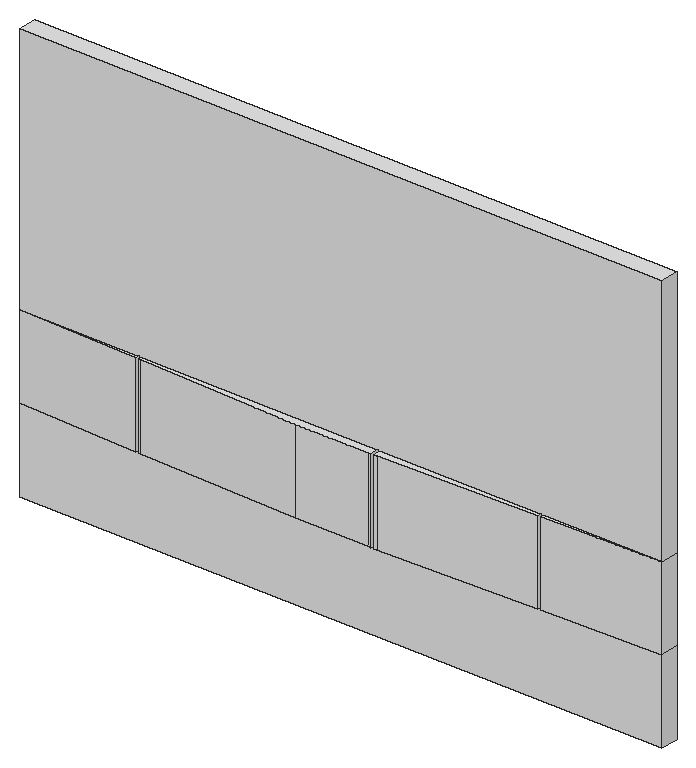
Revit family "NARROW_230x150x6.5", category Plumbing Fixtures, Revit 2018
Family settings
  Round Connector Dimension = Use Diameter
  Part Type = Normal
  OmniClass Number = 23.45.00.00
  OmniClass Title = Sanitary, Laundry, and Cleaning Equipment
  Work Plane-Based = Yes
  Always vertical = Yes
  Cut with Voids When Loaded = No
  Shared = No
  Room Calculation Point = No
Parameters (values of type "Mécanique_Chromée")
  aux [instance] = if(FRAME_OLI, 0.0 mm, 1000.0 mm)  # 1000.0 mm
  URL = "https://www.regiplast.fr/blog/articles/plaques-de-commande/"
  Product data url = "https://www.regiplast.fr/blog/articles/plaques-de-commande/"
  Model = CONTROL_Model  # "Narrow"
  Manufacturer = ""
  FRAME_OLI [instance] = no
  Description = CONTROL_Brief description  # "Plaque de commande mécanique en abs"
  Default Elevation = 1219.2 mm
  CONTROL_Width = 6.5 mm  # constant formula
  CONTROL_Vandal-proof = ""
  CONTROL_Type/function = "Plaque de Commande pour réservoir à encastrer"  # constant formula
  CONTROL_Type of flush = "Double-Débit"  # constant formula
  Material [instance] = Chromée
  CONTROL_Product data url = "https://www.regiplast.fr/blog/articles/plaques-de-commande/"
  CONTROL_Model code/ref = "186C"
  CONTROL_Model Series = "Chromée"
  CONTROL_Model = "Narrow"  # constant formula
  CONTROL_Material = "ABS"
  CONTROL_Length = 230.0 mm  # constant formula
  CONTROL_Height = 150.0 mm  # constant formula
  CONTROL_Brief description = "Plaque de commande mécanique en abs"  # constant formula
  CONTROL_Actuation type = "Mécanique"  # constant formula
  BIM object developer = "www.concepsysbim.com"
Types (3, lengths in mm): name | Material | CONTROL_Model code/ref | CONTROL_Model Series
  Mécanique_Blanc | Blanc | "186B" | "Blanc"
  Mécanique_Chromée | Chromée | "186C" | "Chromée"
  Mécanique_Chromée Mate | Chromée Mate | "186M" | "Chromée Mate"
Reference planes
  plane 1 "Center (Front/Back)": y = 0
  plane 2: z = 0
  plane 3 "Center (Left/Right)": x = 0
  plane 4: y = -6.5
  plane 5: z = 1000
  plane 6: x = -113.092
  plane 7: x = 113.084
  plane 8: z = 927.001
  plane 9: z = 1072.9
  plane 10: x = 115
  plane 11: x = -115
  plane 12: z = 925
  plane 13: z = 875
  plane 14: x = 113.084
  plane 15: z = 927.001
  plane 16: z = 1072.9
Forms (mm)
  Extrusion 1, solid, material "Chromée" <- "Material"
    sketch origin (-115, 0, 0.105) x (1, 0, 0) y (0, 0, 1)
      loop
        line (0, 1074.895) -> (0, 984.895) -> (230, 984.895) -> (230, 1074.895) -> (0, 1074.895)
      loop
        line (0, 924.895) -> (230, 924.895) -> (230, 954.895) -> (0, 954.895) -> (0, 924.895)
    from 0 to 6.5
  Extrusion 2, solid, material "Chromée" <- "Material"
    sketch origin (0, 0, 1000) x (1, 0, 0) y (0, 1, 0)
      loop
        line (72.5, -7.845) -> (115, -6.625) -> (115, 0) -> (72.5, 0) -> (72.5, -7.845)
      loop
        line (-115, -6.625) -> (-72.5, -7.846) -> (-72.5, 0) -> (-115, 0) -> (-115, -6.625)
      loop
        line (-71.5, -7.874) -> (-70.5, -7.903) -> (-14, -9.525) -> (12, -9.525) -> (13, -9.525) -> (13, 0) -> (-71.5, 0) -> (-71.5, -7.874)
      loop
        line (71.5, -7.874) -> (71.5, 0) -> (14, 0) -> (14, -9.525) -> (15, -9.497) -> (71.5, -7.874)
    from -45 to -15
  Extrusion 3, solid, material "Chromée" <- "Material", not visible
    sketch origin (-115, 0, 0.105) x (1, 0, 0) y (0, 0, 1)
      loop
        line (0, 1074.895) -> (0, 984.895) -> (230, 984.895) -> (230, 1074.895) -> (0, 1074.895)
      loop
        line (0, 924.895) -> (230, 924.895) -> (230, 954.895) -> (0, 954.895) -> (0, 924.895)
    from 0 to 6.5
  Extrusion 4, solid, material "Chromée" <- "Material", not visible
    sketch origin (0, 0, 1000) x (1, 0, 0) y (0, 1, 0)
      loop
        line (72.5, -7.845) -> (115, -6.625) -> (115, 0) -> (72.5, 0) -> (72.5, -7.845)
      loop
        line (-115, -6.625) -> (-72.5, -7.846) -> (-72.5, 0) -> (-115, 0) -> (-115, -6.625)
      loop
        line (-71.5, -7.874) -> (-70.5, -7.903) -> (-14, -9.525) -> (12, -9.525) -> (13, -9.525) -> (13, 0) -> (-71.5, 0) -> (-71.5, -7.874)
      loop
        line (71.5, -7.874) -> (71.5, 0) -> (14, 0) -> (14, -9.525) -> (15, -9.497) -> (71.5, -7.874)
    from -45 to -15
Dimensions and locks
  "CONTROL_Width": plane 1 "Center (Front/Back)" to plane 4
  "aux": plane 5 to level
  "CONTROL_Length": plane 11 to plane 10
  locked: plane 5 to plane 12 at 75
  aligned and locked: level to plane 2
  aligned and locked: plane 11 to Extrusion 1
  aligned and locked: Extrusion 1 to plane 10
  aligned and locked: plane 12 to Extrusion 1  (x2)
  aligned and locked: Extrusion 2 to Extrusion 1  (x2)
Automatic sketch dimensions
  Extrusion 1 sketch curve to plane 8 = 27.999 mm
  Extrusion 2 sketch curve to Extrusion 2 sketch curve = 1.0 mm  (x6)
  Extrusion 2 sketch curve to plane 7 = 41.584 mm
  Extrusion 2 sketch curve to Extrusion 2 sketch curve = 0.0 mm  (x3)
  Extrusion 2 sketch curve to Extrusion 2 sketch curve = 0.029 mm  (x3)
  Extrusion 2 sketch curve to Extrusion 2 sketch curve = 0.03 mm
  plane 9 to Extrusion 1 sketch curve = 2.1 mm
  Extrusion 1 sketch curve to plane 7 = 228.084 mm
  plane 8 to Extrusion 1 sketch curve = 2.001 mm
  Extrusion 1 sketch curve to Extrusion 1 sketch curve = 0.0 mm
  plane 7 to Extrusion 1 sketch curve = 1.916 mm  (x2)
  Extrusion 1 sketch curve to Extrusion 1 sketch curve = 30.0 mm
  Extrusion 2 sketch curve to Extrusion 2 sketch curve = 56.5 mm  (x2)
  Extrusion 2 sketch curve to Extrusion 2 sketch curve = 26.0 mm
  Extrusion 2 sketch curve to Extrusion 2 sketch curve = 42.5 mm
  plane 7 to Extrusion 2 sketch curve = 1.916 mm
  Extrusion 2 sketch curve to Extrusion 2 sketch curve = 1.622 mm  (x2)
  Extrusion 2 sketch curve to Extrusion 2 sketch curve = 1.219 mm
  Extrusion 2 sketch curve to Extrusion 2 sketch curve = 1.22 mm
  Extrusion 2 sketch curve to Extrusion 2 sketch curve = 6.625 mm
  Extrusion 2 sketch curve to Extrusion 2 sketch curve = 7.874 mm
  Extrusion 3 sketch curve to plane 15 = 27.999 mm
  Extrusion 4 sketch curve to Extrusion 4 sketch curve = 1.0 mm  (x6)
  Extrusion 4 sketch curve to plane 14 = 41.584 mm
  Extrusion 4 sketch curve to Extrusion 4 sketch curve = 0.0 mm  (x3)
  Extrusion 4 sketch curve to Extrusion 4 sketch curve = 0.029 mm  (x3)
  Extrusion 4 sketch curve to Extrusion 4 sketch curve = 0.03 mm
  plane 16 to Extrusion 3 sketch curve = 2.1 mm
  Extrusion 3 sketch curve to plane 14 = 228.084 mm
  plane 15 to Extrusion 3 sketch curve = 2.001 mm
  Extrusion 3 sketch curve to Extrusion 3 sketch curve = 0.0 mm
  plane 14 to Extrusion 3 sketch curve = 1.916 mm  (x2)
  Extrusion 3 sketch curve to Extrusion 3 sketch curve = 30.0 mm
  Extrusion 4 sketch curve to Extrusion 4 sketch curve = 56.5 mm  (x2)
  Extrusion 4 sketch curve to Extrusion 4 sketch curve = 26.0 mm
  Extrusion 4 sketch curve to Extrusion 4 sketch curve = 42.5 mm
  plane 14 to Extrusion 4 sketch curve = 1.916 mm
  Extrusion 4 sketch curve to Extrusion 4 sketch curve = 1.622 mm  (x2)
  Extrusion 4 sketch curve to Extrusion 4 sketch curve = 1.219 mm
  Extrusion 4 sketch curve to Extrusion 4 sketch curve = 1.22 mm
  Extrusion 4 sketch curve to Extrusion 4 sketch curve = 6.625 mm
  Extrusion 4 sketch curve to Extrusion 4 sketch curve = 7.874 mm
